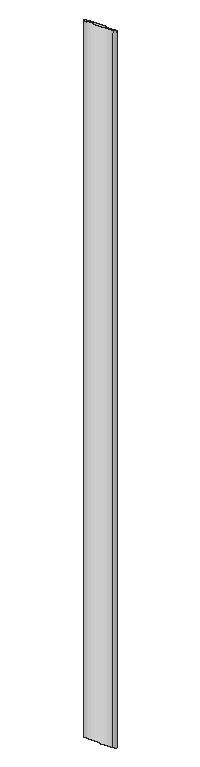
Revit family
Parameters (values of type "30mm")
  built-in parameter 1008623 [instance] = 32.47°
  built-in parameter 1008625 [instance] = (empty or 0)
  Post = no
  Diameter = 30 mm
  built-in parameter 1008624 [instance] = 32.47°
  Material Baluster = Metal - Steel
  built-in parameter 1008622 [instance] = 750 mm
Types (7, lengths in mm): name | Diameter | Material Baluster
  (no name) | 30 | Metal - Steel
  25mm | 25 | none
  20mm | 20 | none
  10mm | 10 | none
  35mm | 35 | none
  40mm | 40 | none
  30mm | 30 | Metal - Steel
Reference planes
  plane 1 "Center (Front/Back)": y = 0
  plane 2: z = 0
  plane 3 "Center (Left/Right)": x = 0
  plane 4 "Top": z = 750
  plane 5 "Top Angle Cut": through (0, 339.699, 533.838) normal (0, -0.5369, -0.8437)
  plane 6: z = 850
  plane 7: x = -15
  plane 8: x = 15
  plane 9: z = -100
  plane 10 "Bottom Angel Cut": through (0, 0, 0) normal (0, -0.5369, -0.8437)
  plane 11: y = 30
  plane 12: x = 30
  plane 13: y = -30
  plane 14: x = -30
Forms (mm)
  Extrusion 1, solid, material "Metal - Steel" <- "Material Baluster"
    sketch origin (0, 0, 0) x (1, 0, 0) y (0, 1, 0)
      loop
        circle (0, 0) r 15
    from -100 to 850
  Extrusion 2, void
    sketch origin (0, 0, 0) x (0, 1, 0) y (0, 0, 1)
      loop
        line (-30, 850) -> (-30, 769.09) -> (30, 730.91) -> (30, 850) -> (-30, 850)
      loop
        line (-30, -100) -> (30, -100) -> (30, -19.09) -> (-30, 19.09) -> (-30, -100)
    from -30 to 30
Cuts and joins
  Extrusion 2 cuts Extrusion 1
Dimensions and locks
  "built-in parameter 1008622": plane 2 to plane 4 "Top"
  locked: plane 4 "Top" to plane 6 at 100
  equal spacing: plane 7, plane 3 "Center (Left/Right)", plane 8
  "Diameter": plane 7 to plane 8
  locked: plane 9 to level at 100
  "Diameter": plane 14 to plane 3 "Center (Left/Right)"
  "Diameter": plane 3 "Center (Left/Right)" to plane 12
  "Diameter": plane 1 "Center (Front/Back)" to plane 11
  "Diameter": plane 13 to plane 1 "Center (Front/Back)"
  "built-in parameter 1008623": angle plane 4 "Top" to plane 5 "Top Angle Cut"
  "built-in parameter 1008624": angle level to plane 10 "Bottom Angel Cut"
  aligned and locked: Extrusion 1 to plane 6
  aligned and locked: plane 9 to Extrusion 1
  aligned and locked: Extrusion 2 to plane 14
  aligned and locked: Extrusion 2 to plane 12
  aligned and locked: plane 6 to Extrusion 2 sketch curve
  aligned and locked: plane 11 to Extrusion 2 sketch curve
  aligned and locked: plane 13 to Extrusion 2 sketch curve  (x2)
  aligned and locked: Extrusion 2 sketch curve to plane 5 "Top Angle Cut"
  aligned and locked: plane 9 to Extrusion 2 sketch curve
  aligned and locked: Extrusion 2 sketch curve to plane 11
  aligned and locked: Extrusion 2 sketch curve to plane 10 "Bottom Angel Cut"
Automatic sketch dimensions
  Extrusion 1 sketch curve to plane 7 = 0 mm
  Extrusion 1 sketch curve to plane 1 "Center (Front/Back)" = 0 mm
  Extrusion 1 sketch curve to plane 3 "Center (Left/Right)" = 0 mm
